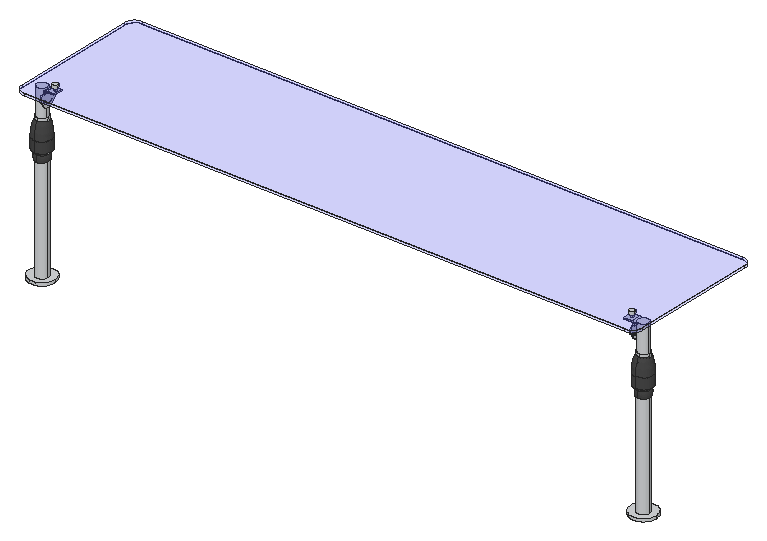
Revit family "QF_Vollrath_MB60", category Specialty Equipment, Revit 2018
Family settings
  Round Connector Dimension = Use Diameter
  Part Type = Normal
  Work Plane-Based = No
  Always vertical = Yes
  Cut with Voids When Loaded = Yes
  Shared = No
  Room Calculation Point = No
Parameters (values of type "MB60MOUNT")
  Weight in Pounds = 0
  Undercounter Visibility [instance] = no
  TM Utilties = "0"
  Serial Number [instance] = ""
  Mounted = yes
  Model = "MB60MOUNT"
  Manufacturer = "Vollrath"
  Legs = no
  Keynote = ""
  Item Number [instance] = ""
  Installed By = "KEC"
  Include In Foodservice Schedule = yes
  Height Constraint = if(Height < 16 1/2", 16 1/2", (if(Height > 25 1/2", 25 1/2", Height)))  # 16 1/2"
  Height = 16 1/2"
  Furnished By = "KEC"
  Flat Glass = yes
  Description = "Mobile Breath Guard"
  Curved Glass = no
  Cost = 0
  CSI MasterFormat = ""
  Above Counter Visibity [instance] = no
Types (4): name | Mounted | Model | Legs | Flat Glass | Curved Glass
  (no name) | yes | "MB60MOUNT" | no | yes | no
  MB60 | no | "MB60" | yes | no | yes
  MB60FLAT | no | "MB60FLAT" | yes | yes | no
  MB60MOUNT | yes | "MB60MOUNT" | no | yes | no
Reference planes (in)
  plane 1 "Unit_Center (F/B)": y = 0
  plane 2: z = 0
  plane 3 "Unit_Center (L/R)": x = 0
  plane 4 "Right": x = 29.75
  plane 5 "Left": x = -29.75
  plane 6 "Base Rear": y = 9
  plane 7 "Base Front": y = -5
  plane 8 "Left Leg": x = -27.92
  plane 9 "Right Leg": x = 27.92
  plane 10 "Front Leg": y = -3.17
  plane 11 "Top of Legs": z = 0.24
  plane 12 "Top of Base Pole": z = 13.94
  plane 13 "Base of Inside Pole": z = 2.5
  plane 14 "Height": z = 16.74
  plane 15 "Bottom of Glass": z = 16.49
  plane 16 "Front of Glass": y = -2.17
  plane 17 "Rear of Glass": y = 12.03
  plane 18 "Top of Screw": z = 16.96973
Forms (in)
  Extrusion 1, solid, material "QF_Finishes-Black", visible <- "Legs"
    sketch origin (0, 0, 0) x (1, 0, 0) y (0, 1, 0)
      loop
        line (-29.75, -5) -> (29.75, -5) -> (29.75, 9) -> (27.92, 9) -> (27.92, -3.17) -> (-27.92, -3.17) -> (-27.92, 9) -> (-29.75, 9) -> (-29.75, -5)
    from 0 to 0.24
  Extrusion 2, solid, material "QF_Finishes-Aluminum"
    sketch origin (0.05429, 0, 0) x (1, 0, 0) y (0, 1, 0)
      loop
        circle (-28.88929, 0) r 0.5
    from 2.5 to 16.49
  Revolve 3, solid, material "QF_Finishes-Black"
    sketch origin (-28.835, 0, 0) x (0, 1, 0) y (0, 0, 1)
      loop
        line (0, 13.94) -> (0, 10.20487) -> (0.64071, 10.20487)
        arc (0.64071, 10.20487) -> (0.67488, 10.48612) -> (0.64071, 10.76737) r 1.17447
        line (0.64071, 10.76737) -> (0.5753, 10.76737) -> (0.5753, 11.14237) -> (0.89071, 11.14237) -> (0.89071, 12.14237)
        arc (0.89071, 12.14237) -> (0.7919, 13.06217) -> (0.5, 13.94) r 4.33075
        line (0.5, 13.94) -> (0, 13.94)
      axis (0, 13.94) -> (0, 10.20487)
    angle from 0 to 360
  Extrusion 4, solid, material "QF_Finishes-Aluminum"
    sketch origin (0, 0, 0) x (1, 0, 0) y (0, 1, 0)
      loop
        circle (-28.835, 0) r 0.5753
    from 0.24 to 13.94
  Extrusion 5, solid, material "QF_Finishes-Aluminum"
    sketch origin (0, 0, 0) x (-1, 0, 0) y (0, -1, 0)
      loop
        circle (-28.835, 0) r 0.5753
    from 0.24 to 13.94
  Extrusion 6, solid, material "QF_Finishes-Aluminum", visible <- "Mounted"
    sketch origin (0, 0, 0) x (1, 0, 0) y (0, 1, 0)
      loop
        circle (-28.835, 0) r 1.25
    from 0 to 0.24
  Extrusion 7, solid, material "QF_Finishes-Aluminum", visible <- "Mounted"
    sketch origin (0, 0, 0) x (-1, 0, 0) y (0, -1, 0)
      loop
        circle (-28.835, 0) r 1.25
    from 0 to 0.24
  Revolve 8, solid, material "QF_Finishes-Black"
    sketch origin (28.835, 0, 0) x (0, 1, 0) y (0, 0, -1)
      loop
        line (0, -13.94) -> (0.5, -13.94)
        arc (0.5, -13.94) -> (0.7919, -13.06217) -> (0.89071, -12.14237) r 4.33075
        line (0.89071, -12.14237) -> (0.89071, -11.14237) -> (0.5753, -11.14237) -> (0.5753, -10.76737) -> (0.64071, -10.76737)
        arc (0.64071, -10.76737) -> (0.67488, -10.48612) -> (0.64071, -10.20487) r 1.17447
        line (0.64071, -10.20487) -> (0, -10.20487) -> (0, -13.94)
      axis (0, -13.94) -> (0, -10.20487)
    angle from 0 to 360
  Extrusion 9, solid, material "QF_Finishes-Aluminum"
    sketch origin (-0.05429, 0, 0) x (-1, 0, 0) y (0, -1, 0)
      loop
        circle (-28.88929, 0) r 0.5
    from 2.5 to 16.49
  Extrusion 10, solid
    sketch origin (-18, 0, 0) x (0, 1, 0) y (0, 0, 1)
      loop
        line (0.44044, 15.02645) -> (0.76948, 15.49635)
        arc (0.76948, 15.49635) -> (0.8288, 15.87428) -> (0.56454, 16.15089) r 0.4316
        arc (0.56454, 16.15089) -> (0, 16.25043) -> (-0.56454, 16.15089) r 1.6506
        arc (-0.56454, 16.15089) -> (-0.8288, 15.87428) -> (-0.76948, 15.49635) r 0.4316
        line (-0.76948, 15.49635) -> (-0.44083, 15.027)
        arc (-0.44083, 15.027) -> (-0.00028, 14.89318) -> (0.44044, 15.02645) r 0.79376
      loop
        arc (0.53439, 15.68978) -> (0.00563, 15.33736) -> (-0.52882, 15.68107) r 0.58002
        arc (-0.52882, 15.68107) -> (-0.67596, 15.70858) -> (-0.71292, 15.56353) r 0.10944
        arc (-0.71292, 15.56353) -> (0.00088, 15.14183) -> (0.71468, 15.56353) r 0.81497
        arc (0.71468, 15.56353) -> (0.68122, 15.70761) -> (0.53439, 15.68978) r 0.11069
    from -10.33404 to -10.20554
  Extrusion 11, solid
    sketch origin (-18, 0, 0) x (1, 0, 0) y (0, 0, 1)
      loop
        line (-10.33404, 16.13627) -> (-10.20554, 16.13627) -> (-10.20554, 16.29389)
        arc (-10.20554, 16.29389) -> (-10.16528, 16.35704) -> (-10.09454, 16.38161) r 0.11408
        line (-10.09454, 16.38161) -> (-9.31931, 16.38161) -> (-9.31931, 16.49) -> (-10.14333, 16.49)
        arc (-10.14333, 16.49) -> (-10.27818, 16.43414) -> (-10.33404, 16.2993) r 0.1907
        line (-10.33404, 16.2993) -> (-10.33404, 16.13627)
    from -0.44044 to 0.44083
  Extrusion 12, solid
    sketch origin (-18.46094, 0.09375, 0) x (1, 0, 0) y (0, 1, 0)
      loop
        circle (-9.20821, 0.00874) r 0.25
    from 16.74 to 16.96973
  Extrusion 13, solid
    sketch origin (-18, 0, 0) x (1, 0, 0) y (0, 1, 0)
      loop
        circle (-9.66915, 0.10249) r 0.11308
    from 16.38161 to 16.74
  Extrusion 14, solid, not visible
    sketch origin (18, 0, 0) x (0, -1, 0) y (0, 0, 1)
      loop
        arc (-0.44044, 15.02645) -> (0.00028, 14.89318) -> (0.44083, 15.027) r 0.79376
        line (0.44083, 15.027) -> (0.76948, 15.49635)
        arc (0.76948, 15.49635) -> (0.8288, 15.87428) -> (0.56454, 16.15089) r 0.4316
        arc (0.56454, 16.15089) -> (0, 16.25043) -> (-0.56454, 16.15089) r 1.6506
        arc (-0.56454, 16.15089) -> (-0.8288, 15.87428) -> (-0.76948, 15.49635) r 0.4316
        line (-0.76948, 15.49635) -> (-0.44044, 15.02645)
      loop
        arc (-0.53439, 15.68978) -> (-0.68122, 15.70761) -> (-0.71468, 15.56353) r 0.11069
        arc (-0.71468, 15.56353) -> (-0.00088, 15.14183) -> (0.71292, 15.56353) r 0.81497
        arc (0.71292, 15.56353) -> (0.67596, 15.70858) -> (0.52882, 15.68107) r 0.10944
        arc (0.52882, 15.68107) -> (-0.00563, 15.33736) -> (-0.53439, 15.68978) r 0.58002
    from -10.33404 to -10.20554
  Extrusion 15, solid, not visible
    sketch origin (18, 0, 0) x (-1, 0, 0) y (0, 0, 1)
      loop
        line (28.33404, 16.13627) -> (28.33404, 16.2993)
        arc (28.33404, 16.2993) -> (28.27818, 16.43414) -> (28.14333, 16.49) r 0.1907
        line (28.14333, 16.49) -> (27.31931, 16.49) -> (27.31931, 16.38161) -> (28.09454, 16.38161)
        arc (28.09454, 16.38161) -> (28.16528, 16.35704) -> (28.20554, 16.29389) r 0.11408
        line (28.20554, 16.29389) -> (28.20554, 16.13627) -> (28.33404, 16.13627)
    from -0.44044 to 0.44083
  Extrusion 16, solid, not visible
    sketch origin (18.46094, -0.09375, 0) x (-1, 0, 0) y (0, -1, 0)
      loop
        circle (28.13008, -0.19624) r 0.25
    from 16.74 to 16.96973
  Extrusion 17, solid, not visible
    sketch origin (18, 0, 0) x (-1, 0, 0) y (0, -1, 0)
      loop
        circle (27.66915, -0.10249) r 0.11308
    from 16.38161 to 16.74
  Extrusion 18, solid
    sketch origin (18, 0, 0) x (0, -1, 0) y (0, 0, 1)
      loop
        arc (-0.44044, 15.02645) -> (0.00028, 14.89318) -> (0.44083, 15.027) r 0.79376
        line (0.44083, 15.027) -> (0.76948, 15.49635)
        arc (0.76948, 15.49635) -> (0.8288, 15.87428) -> (0.56454, 16.15089) r 0.4316
        arc (0.56454, 16.15089) -> (0, 16.25043) -> (-0.56454, 16.15089) r 1.6506
        arc (-0.56454, 16.15089) -> (-0.8288, 15.87428) -> (-0.76948, 15.49635) r 0.4316
        line (-0.76948, 15.49635) -> (-0.44044, 15.02645)
      loop
        arc (-0.53439, 15.68978) -> (-0.68122, 15.70761) -> (-0.71468, 15.56353) r 0.11069
        arc (-0.71468, 15.56353) -> (-0.00088, 15.14183) -> (0.71292, 15.56353) r 0.81497
        arc (0.71292, 15.56353) -> (0.67596, 15.70858) -> (0.52882, 15.68107) r 0.10944
        arc (0.52882, 15.68107) -> (-0.00563, 15.33736) -> (-0.53439, 15.68978) r 0.58002
    from -10.33404 to -10.20554
  Extrusion 19, solid
    sketch origin (18, 0, 0) x (-1, 0, 0) y (0, 0, 1)
      loop
        line (-10.33404, 16.13627) -> (-10.20554, 16.13627) -> (-10.20554, 16.29389)
        arc (-10.20554, 16.29389) -> (-10.16528, 16.35704) -> (-10.09454, 16.38161) r 0.11408
        line (-10.09454, 16.38161) -> (-9.31931, 16.38161) -> (-9.31931, 16.49) -> (-10.14333, 16.49)
        arc (-10.14333, 16.49) -> (-10.27818, 16.43414) -> (-10.33404, 16.2993) r 0.1907
        line (-10.33404, 16.2993) -> (-10.33404, 16.13627)
    from -0.44044 to 0.44083
  Extrusion 20, solid
    sketch origin (18.46094, -0.09375, 0) x (-1, 0, 0) y (0, -1, 0)
      loop
        circle (-9.20821, -0.19624) r 0.25
    from 16.74 to 16.96973
  Extrusion 21, solid
    sketch origin (18, 0, 0) x (-1, 0, 0) y (0, -1, 0)
      loop
        circle (-9.66915, -0.10249) r 0.11308
    from 16.38161 to 16.74
Dimensions and locks (in)
  "Height Constraint": plane 14 "Height" to plane 11 "Top of Legs"
  plane 18 "Top of Screw" to plane 14 "Height" to plane 15 "Bottom of Glass" = 0.22973" locked, 1/4" locked
  aligned and locked: plane 2 to level
  aligned and locked: Extrusion 1 to plane 11 "Top of Legs"
  aligned and locked: Extrusion 2 to plane 13 "Base of Inside Pole"
  aligned and locked: Extrusion 4 to Extrusion 1
  aligned and locked: plane 12 "Top of Base Pole" to Extrusion 4
  aligned and locked: Extrusion 1 to Extrusion 6
  aligned and locked: Extrusion 7 to plane 11 "Top of Legs"
  aligned and locked: Extrusion 7 to plane 2
  aligned and locked: plane 11 "Top of Legs" to Extrusion 6
  aligned and locked: Extrusion 6 to plane 2
  aligned and locked: Extrusion 11 to Extrusion 10  (x2)
  aligned and locked: Extrusion 12 to plane 14 "Height"
  aligned and locked: Extrusion 11 to Extrusion 13  (x2)
  aligned and locked: plane 14 "Height" to Extrusion 13
  aligned and locked: plane 15 "Bottom of Glass" to Extrusion 2
  aligned and locked: plane 15 "Bottom of Glass" to Extrusion 9
  aligned and locked: plane 15 "Bottom of Glass" to Extrusion 11  (x3)
  aligned and locked: plane 14 "Height" to Extrusion 12  (x3)
  aligned and locked: plane 18 "Top of Screw" to Extrusion 12  (x3)
  aligned and locked: Extrusion 21 to Extrusion 19  (x2)
  aligned and locked: plane 18 "Top of Screw" to Extrusion 20
  aligned and locked: Extrusion 12 to plane 18 "Top of Screw"  (x4)
  aligned and locked: Extrusion 20 to plane 14 "Height"
  aligned and locked: plane 15 "Bottom of Glass" to Extrusion 19  (x3)
  aligned and locked: Extrusion 20 to plane 18 "Top of Screw"  (x6)
  aligned and locked: plane 14 "Height" to Extrusion 21
  aligned and locked: plane 14 "Height" to Extrusion 20  (x4)
  aligned and locked: Extrusion 21 to plane 14 "Height"  (x2)
  aligned and locked: Extrusion 15 to Extrusion 17
  aligned and locked: plane 14 "Height" to nested 2
  aligned and locked: nested 2 to plane 15 "Bottom of Glass"
  aligned and locked: plane 14 "Height" to nested 1
  aligned and locked: nested 1 to plane 15 "Bottom of Glass"
Automatic sketch dimensions
  Extrusion 1 sketch curve to plane 5 "Left" = 0"
  Extrusion 1 sketch curve to plane 6 "Base Rear" = 0"  (x2)
  Extrusion 1 sketch curve to plane 8 "Left Leg" = 0"
  Extrusion 1 sketch curve to plane 9 "Right Leg" = 0"
  Extrusion 1 sketch curve to plane 4 "Right" = 0"
  Extrusion 1 sketch curve to plane 7 "Base Front" = 0"
  Extrusion 1 sketch curve to plane 10 "Front Leg" = 0"
  plane 1 "Unit_Center (F/B)" to Extrusion 2 sketch curve = 0"
  plane 5 "Left" to Extrusion 2 sketch curve = 0.915"
  plane 1 "Unit_Center (F/B)" to Extrusion 4 sketch curve = 0"
  plane 5 "Left" to Extrusion 4 sketch curve = 0.915"
  plane 1 "Unit_Center (F/B)" to Extrusion 5 sketch curve = 0"
  Extrusion 5 sketch curve to plane 4 "Right" = 0.915"
  plane 1 "Unit_Center (F/B)" to Extrusion 6 sketch curve = 0"
  plane 5 "Left" to Extrusion 6 sketch curve = 0.915"
  plane 1 "Unit_Center (F/B)" to Extrusion 7 sketch curve = 0"
  Extrusion 7 sketch curve to plane 4 "Right" = 0.915"
  plane 1 "Unit_Center (F/B)" to Extrusion 9 sketch curve = 0"
  Extrusion 9 sketch curve to plane 4 "Right" = 0.915"
  Extrusion 10 sketch curve to Extrusion 10 sketch curve = 0.20014"
  Extrusion 10 sketch curve to Extrusion 10 sketch curve = 0.15241"
  Extrusion 10 sketch curve to Extrusion 10 sketch curve = 0.20081"
  Extrusion 10 sketch curve to Extrusion 10 sketch curve = 0.15174"
  Extrusion 10 sketch curve to Extrusion 10 sketch curve = 0.42662"
  Extrusion 10 sketch curve to Extrusion 10 sketch curve = 0.42717"
  Extrusion 10 sketch curve to Extrusion 10 sketch curve = 0.46991"
  Extrusion 10 sketch curve to Extrusion 10 sketch curve = 0.46936"
  Extrusion 10 sketch curve to Extrusion 10 sketch curve = 0.11999"
  Extrusion 10 sketch curve to Extrusion 10 sketch curve = 0.12059"
  Extrusion 10 sketch curve to Extrusion 10 sketch curve = 0.12837"
  Extrusion 10 sketch curve to Extrusion 10 sketch curve = 0.12898"
  Extrusion 10 sketch curve to Extrusion 10 sketch curve = 0.23042"
  Extrusion 10 sketch curve to Extrusion 10 sketch curve = 0.03943"
  Extrusion 10 sketch curve to Extrusion 10 sketch curve = 0.08824"
  Extrusion 10 sketch curve to Extrusion 10 sketch curve = 0"  (x3)
  Extrusion 10 sketch curve to Extrusion 10 sketch curve = 0.05656"
  Extrusion 10 sketch curve to Extrusion 10 sketch curve = 0.08335"
  Extrusion 11 sketch curve to Extrusion 11 sketch curve = 0.1285"
  Extrusion 11 sketch curve to Extrusion 11 sketch curve = 0.04879"
  Extrusion 11 sketch curve to Extrusion 11 sketch curve = 0.00541"
  Extrusion 11 sketch curve to Extrusion 11 sketch curve = 0.16303"
  Extrusion 10 sketch curve to Extrusion 10 sketch curve = 0.32865"
  Extrusion 10 sketch curve to Extrusion 10 sketch curve = 0.44083"
  Extrusion 10 sketch curve to Extrusion 10 sketch curve = 0.41715"
  Extrusion 10 sketch curve to Extrusion 10 sketch curve = 0.00066"
  Extrusion 10 sketch curve to Extrusion 10 sketch curve = 0.4167"
  Extrusion 10 sketch curve to Extrusion 10 sketch curve = 0.32903"
  Extrusion 11 sketch curve to Extrusion 11 sketch curve = 0.0622"
  Extrusion 11 sketch curve to Extrusion 11 sketch curve = 0.77523"
  Extrusion 11 sketch curve to Extrusion 11 sketch curve = 0.03177"
  Extrusion 14 sketch curve to Extrusion 14 sketch curve = 0.20014"
  Extrusion 14 sketch curve to Extrusion 14 sketch curve = 0.15241"
  Extrusion 14 sketch curve to Extrusion 14 sketch curve = 0.20081"
  Extrusion 14 sketch curve to Extrusion 14 sketch curve = 0.15174"
  Extrusion 14 sketch curve to Extrusion 14 sketch curve = 0.42662"
  Extrusion 14 sketch curve to Extrusion 14 sketch curve = 0.42717"
  Extrusion 14 sketch curve to Extrusion 14 sketch curve = 0.46991"
  Extrusion 14 sketch curve to Extrusion 14 sketch curve = 0.46936"
  Extrusion 14 sketch curve to Extrusion 14 sketch curve = 0.11999"
  Extrusion 14 sketch curve to Extrusion 14 sketch curve = 0.12059"
  Extrusion 14 sketch curve to Extrusion 14 sketch curve = 0.12837"
  Extrusion 14 sketch curve to Extrusion 14 sketch curve = 0.12898"
  Extrusion 14 sketch curve to Extrusion 14 sketch curve = 0.23042"
  Extrusion 14 sketch curve to Extrusion 14 sketch curve = 0.03943"
  Extrusion 14 sketch curve to Extrusion 14 sketch curve = 0.08824"
  Extrusion 14 sketch curve to Extrusion 14 sketch curve = 0"  (x3)
  Extrusion 14 sketch curve to Extrusion 14 sketch curve = 0.05656"
  Extrusion 14 sketch curve to Extrusion 14 sketch curve = 0.08335"
  Extrusion 15 sketch curve to Extrusion 15 sketch curve = 0.1285"
  Extrusion 15 sketch curve to Extrusion 15 sketch curve = 0.04879"
  Extrusion 15 sketch curve to Extrusion 15 sketch curve = 0.00541"
  Extrusion 15 sketch curve to Extrusion 15 sketch curve = 0.16303"
  Extrusion 14 sketch curve to Extrusion 14 sketch curve = 0.32865"
  Extrusion 14 sketch curve to Extrusion 14 sketch curve = 0.44083"
  Extrusion 14 sketch curve to Extrusion 14 sketch curve = 0.41715"
  Extrusion 14 sketch curve to Extrusion 14 sketch curve = 0.00066"
  Extrusion 14 sketch curve to Extrusion 14 sketch curve = 0.4167"
  Extrusion 14 sketch curve to Extrusion 14 sketch curve = 0.32903"
  Extrusion 15 sketch curve to Extrusion 15 sketch curve = 0.0622"
  Extrusion 15 sketch curve to Extrusion 15 sketch curve = 0.77523"
  Extrusion 15 sketch curve to Extrusion 15 sketch curve = 0.03177"
  Extrusion 18 sketch curve to Extrusion 18 sketch curve = 0.20014"
  Extrusion 18 sketch curve to Extrusion 18 sketch curve = 0.15241"
  Extrusion 18 sketch curve to Extrusion 18 sketch curve = 0.20081"
  Extrusion 18 sketch curve to Extrusion 18 sketch curve = 0.15174"
  Extrusion 18 sketch curve to Extrusion 18 sketch curve = 0.42662"
  Extrusion 18 sketch curve to Extrusion 18 sketch curve = 0.42717"
  Extrusion 18 sketch curve to Extrusion 18 sketch curve = 0.46991"
  Extrusion 18 sketch curve to Extrusion 18 sketch curve = 0.46936"
  Extrusion 18 sketch curve to Extrusion 18 sketch curve = 0.11999"
  Extrusion 18 sketch curve to Extrusion 18 sketch curve = 0.12059"
  Extrusion 18 sketch curve to Extrusion 18 sketch curve = 0.12837"
  Extrusion 18 sketch curve to Extrusion 18 sketch curve = 0.12898"
  Extrusion 18 sketch curve to Extrusion 18 sketch curve = 0.23042"
  Extrusion 18 sketch curve to Extrusion 18 sketch curve = 0.03943"
  Extrusion 18 sketch curve to Extrusion 18 sketch curve = 0.08824"
  Extrusion 18 sketch curve to Extrusion 18 sketch curve = 0"  (x3)
  Extrusion 18 sketch curve to Extrusion 18 sketch curve = 0.05656"
  Extrusion 18 sketch curve to Extrusion 18 sketch curve = 0.08335"
  Extrusion 19 sketch curve to Extrusion 19 sketch curve = 0.1285"
  Extrusion 19 sketch curve to Extrusion 19 sketch curve = 0.04879"
  Extrusion 19 sketch curve to Extrusion 19 sketch curve = 0.00541"
  Extrusion 19 sketch curve to Extrusion 19 sketch curve = 0.16303"
  Extrusion 18 sketch curve to Extrusion 18 sketch curve = 0.32865"
  Extrusion 18 sketch curve to Extrusion 18 sketch curve = 0.44083"
  Extrusion 18 sketch curve to Extrusion 18 sketch curve = 0.41715"
  Extrusion 18 sketch curve to Extrusion 18 sketch curve = 0.00066"
  Extrusion 18 sketch curve to Extrusion 18 sketch curve = 0.4167"
  Extrusion 18 sketch curve to Extrusion 18 sketch curve = 0.32903"
  Extrusion 19 sketch curve to Extrusion 19 sketch curve = 0.0622"
  Extrusion 19 sketch curve to Extrusion 19 sketch curve = 0.77523"
  Extrusion 19 sketch curve to Extrusion 19 sketch curve = 0.03177"
  Revolve 3 sketch curve to plane 1 "Unit_Center (F/B)" = 0"  (x2)
  Revolve 3 sketch curve to plane 12 "Top of Base Pole" = 0"
  plane 1 "Unit_Center (F/B)" to Revolve 3 sketch curve = 0.49959"
  Revolve 3 sketch curve to plane 10 "Front Leg" = 0.27004"
  Revolve 3 sketch curve to Revolve 3 sketch curve = 1/2"
  Revolve 3 sketch curve to plane 1 "Unit_Center (F/B)" = 0.5753"
  Revolve 3 sketch curve to Revolve 3 sketch curve = 0.06541"  (x2)
  Revolve 3 sketch curve to plane 1 "Unit_Center (F/B)" = 0.89071"
  Revolve 3 sketch curve to Revolve 3 sketch curve = 1"
  Revolve 3 sketch curve to Revolve 3 sketch curve = 3/8"
  Revolve 3 sketch curve to Revolve 3 sketch curve = 9/32"
  Revolve 3 sketch curve to level = 24"
  plane 18 "Top of Screw" to Revolve 3 sketch curve = 66.54613"
  Revolve 8 sketch curve to plane 1 "Unit_Center (F/B)" = 0"  (x2)
  Revolve 8 sketch curve to plane 12 "Top of Base Pole" = 0"
  plane 1 "Unit_Center (F/B)" to Revolve 8 sketch curve = 0.49959"
  Revolve 8 sketch curve to plane 10 "Front Leg" = 0.27004"
  Revolve 8 sketch curve to Revolve 8 sketch curve = 1/2"
  Revolve 8 sketch curve to plane 1 "Unit_Center (F/B)" = 0.5753"
  Revolve 8 sketch curve to Revolve 8 sketch curve = 0.06541"  (x2)
  Revolve 8 sketch curve to plane 1 "Unit_Center (F/B)" = 0.89071"
  Revolve 8 sketch curve to Revolve 8 sketch curve = 1"
  Revolve 8 sketch curve to Revolve 8 sketch curve = 3/8"
  Revolve 8 sketch curve to Revolve 8 sketch curve = 9/32"
  plane 18 "Top of Screw" to Revolve 8 sketch curve = 66.54613"
  Revolve 8 sketch curve to level = 24"
  radius of Extrusion 2 sketch curve = 1/2"
  radius of Extrusion 4 sketch curve = 0.5753"
  radius of Extrusion 5 sketch curve = 0.5753"
  radius of Extrusion 6 sketch curve = 1 1/4"
  radius of Extrusion 7 sketch curve = 1 1/4"
  radius of Extrusion 9 sketch curve = 1/2"
  radius of Extrusion 12 sketch curve = 1/4"
  radius of Extrusion 13 sketch curve = 0.11308"
  radius of Extrusion 16 sketch curve = 1/4"
  radius of Extrusion 17 sketch curve = 0.11308"
  radius of Extrusion 20 sketch curve = 1/4"
  radius of Extrusion 21 sketch curve = 0.11308"
Nested families (in)
  nested 1: "Flat Glass 60" at (0, 4.93, 0), visible <- "Flat Glass", type "Flat Glass 60"
    with Undercounter Visibility no, Serial Number "", Item Number "", Above Counter Visibity no
  nested 2: "Curved Glass 60" at (0, 4.93, 0), visible <- "Curved Glass", type "Curved Glass 60"
    with Undercounter Visibility no, Serial Number "", Item Number "", Above Counter Visibity no
Definition of nested family "Flat Glass 60"
  Parameters (values of type "Flat Glass 60")
    Weight in Pounds = 0
    Undercounter Visibility [instance] = no
    TM Utilties = "0"
    Serial Number [instance] = ""
    Model = ""
    Manufacturer = ""
    Keynote = ""
    Item Number [instance] = ""
    Installed By = "KEC"
    Include In Foodservice Schedule = yes
    Furnished By = "KEC"
    Flat Glass = yes
    Description = ""
    Default Elevation = 48"
    Cost = 0
    CSI MasterFormat = ""
    Above Counter Visibity [instance] = no
  Reference planes (in)
    plane 1 "Unit_Center (F/B)": y = 0
    plane 2: z = 0
    plane 3 "Unit_Center (L/R)": x = 0
  Forms (in)
    Extrusion 1, solid, visible <- "Flat Glass"
      sketch origin (0, -4.93, 0) x (1, 0, 0) y (0, 1, 0)
        loop
          arc (-28.75, 12.03) -> (-29.45711, 11.73711) -> (-29.75, 11.03) r 1
          line (-29.75, 11.03) -> (-29.75, -1.17)
          arc (-29.75, -1.17) -> (-29.45711, -1.87711) -> (-28.75, -2.17) r 1
          line (-28.75, -2.17) -> (28.75056, -2.17)
          arc (28.75056, -2.17) -> (29.45767, -1.87711) -> (29.75056, -1.17) r 1
          line (29.75056, -1.17) -> (29.75056, 11.03)
          arc (29.75056, 11.03) -> (29.45767, 11.73711) -> (28.75056, 12.03) r 1
          line (28.75056, 12.03) -> (-28.75, 12.03)
      from 16.49 to 16.74
  Lines and regions (in)
    symbolic lines
      curve 1: line (-29.75, 6.1, 0) -> (-29.75, -6.1, 0)
      curve 2: arc (-28.75, 7.1, 0) -> (-29.45711, 6.80711, 0) -> (-29.75, 6.1, 0) r 1
      curve 3: line (28.75, 7.1, 0) -> (-28.75, 7.1, 0)
      curve 4: arc (29.75, 6.1, 0) -> (29.45711, 6.80711, 0) -> (28.75, 7.1, 0) r 1
      curve 5: line (29.75, -6.1, 0) -> (29.75, 6.1, 0)
      curve 6: arc (28.75, -7.1, 0) -> (29.45711, -6.80711, 0) -> (29.75, -6.1, 0) r 1
      curve 7: line (-28.75, -7.1, 0) -> (28.75, -7.1, 0)
      curve 8: arc (-29.75, -6.1, 0) -> (-29.45711, -6.80711, 0) -> (-28.75, -7.1, 0) r 1
  Dimensions and locks (in)
    aligned and locked: plane 2 to level
Definition of nested family "Curved Glass 60"
  Parameters (values of type "Curved Glass 60")
    Weight in Pounds = 0
    Undercounter Visibility [instance] = no
    TM Utilties = "0"
    Serial Number [instance] = ""
    Model = ""
    Manufacturer = ""
    Keynote = ""
    Item Number [instance] = ""
    Installed By = "KEC"
    Include In Foodservice Schedule = yes
    Furnished By = "KEC"
    Flat Glass = yes
    Description = ""
    Default Elevation = 48"
    Cost = 0
    CSI MasterFormat = ""
    Above Counter Visibity [instance] = no
  Reference planes (in)
    plane 1 "Unit_Center (F/B)": y = 0
    plane 2: z = 0
    plane 3 "Unit_Center (L/R)": x = 0
    plane 4 "Rear": y = 6.86
    plane 5 "Front": y = -6.6
  Forms (in)
    Extrusion 1, solid, visible <- "Flat Glass"
      sketch origin (0, -4.93, 0) x (1, 0, 0) y (0, 1, 0)
        loop
          line (-29.75, 10.68) -> (-29.75, -0.69457) -> (29.75959, -0.69457) -> (29.75959, 10.68) -> (-29.75, 10.68)
      from 16.49 to 16.74
    Extrusion 2, solid
      sketch origin (0, -11.12561, 11.61792) x (1, 0, 0) y (0, 0.576549, -0.817062)
        loop
          line (29.75, 5.54378) -> (29.75, 6.86984)
          arc (29.75, 6.86984) -> (29.57134, 7.30117) -> (29.14, 7.47984) r 0.61
          line (29.14, 7.47984) -> (-29.14, 7.47984)
          arc (-29.14, 7.47984) -> (-29.57134, 7.30117) -> (-29.75, 6.86984) r 0.61
          line (-29.75, 6.86984) -> (-29.75, 5.54378) -> (29.75, 5.54378)
      from 16.49 to 16.74
    Extrusion 3, solid
      sketch origin (0, 6.71567, 4.14167) x (1, 0, 0) y (0, 0.898171, 0.439647)
        loop
          line (29.75959, -5.54378) -> (-29.75, -5.54378) -> (-29.75, -6.10782)
          arc (-29.75, -6.10782) -> (-29.57134, -6.53916) -> (-29.14, -6.71782) r 0.61
          line (-29.14, -6.71782) -> (29.14959, -6.71782)
          arc (29.14959, -6.71782) -> (29.58093, -6.53916) -> (29.75959, -6.10782) r 0.61
          line (29.75959, -6.10782) -> (29.75959, -5.54378)
      from 16.49 to 16.74
  Lines and regions (in)
    symbolic lines
      curve 1: line (29.15917, 6.86451, 0) -> (-29.14, 6.86451, 0)
      curve 2: spline (-29.14, 6.86451, 0) -> (-29.21962, 6.8615, 0) -> (-29.29788, 6.85253, 0) -> (-29.37344, 6.83774, 0) -> (-29.445, 6.81739, 0) -> (-29.51134, 6.79183, 0) -> (-29.57134, 6.7615, 0) -> (-29.62395, 6.72691, 0) -> (-29.66828, 6.68866, 0) -> (-29.70357, 6.6474, 0) -> (-29.72921, 6.60384, 0) -> (-29.74478, 6.55872, 0) -> (-29.75, 6.51281, 0)
      curve 3: line (-29.75, 6.51281, 0) -> (-29.75, 5.54401, 0)
      curve 4: line (29.76917, 5.54401, 0) -> (29.76917, 6.51281, 0)
      curve 5: spline (29.76917, 6.51281, 0) -> (29.76395, 6.55872, 0) -> (29.74839, 6.60384, 0) -> (29.72274, 6.6474, 0) -> (29.68745, 6.68866, 0) -> (29.64312, 6.72691, 0) -> (29.59051, 6.7615, 0) -> (29.53052, 6.79183, 0) -> (29.46417, 6.81739, 0) -> (29.39261, 6.83774, 0) -> (29.31705, 6.85253, 0) -> (29.23879, 6.8615, 0) -> (29.15917, 6.86451, 0)
      curve 6: line (-29.14, -6.67777, 0) -> (29.14959, -6.67777, 0)
      curve 7: spline (29.14959, -6.67777, 0) -> (29.22921, -6.67308, 0) -> (29.30747, -6.6591, 0) -> (29.38302, -6.63606, 0) -> (29.45459, -6.60437, 0) -> (29.52093, -6.56455, 0) -> (29.58092, -6.5173, 0) -> (29.63353, -6.46341, 0) -> (29.67786, -6.40383, 0) -> (29.71315, -6.33955, 0) -> (29.7388, -6.27169, 0) -> (29.75437, -6.2014, 0) -> (29.75959, -6.12988, 0)
      curve 8: line (29.75959, -6.12988, 0) -> (29.75959, -5.51336, 0)
      curve 9: line (29.75959, -5.62457, 0) -> (29.75959, 5.75, 0)
      curve 10: spline (-29.75, -6.12988, 0) -> (-29.74478, -6.2014, 0) -> (-29.72921, -6.27169, 0) -> (-29.70357, -6.33955, 0) -> (-29.66828, -6.40383, 0) -> (-29.62395, -6.46341, 0) -> (-29.57134, -6.5173, 0) -> (-29.51134, -6.56455, 0) -> (-29.445, -6.60437, 0) -> (-29.37344, -6.63606, 0) -> (-29.29788, -6.6591, 0) -> (-29.21962, -6.67308, 0) -> (-29.14, -6.67777, 0)
      curve 11: line (-29.75, -5.51336, 0) -> (-29.75, -6.12988, 0)
      curve 12: line (-29.75, 5.75, 0) -> (-29.75, -5.62457, 0)
  Dimensions and locks (in)
    aligned and locked: plane 2 to level
    aligned and locked: Extrusion 3 to Extrusion 1
